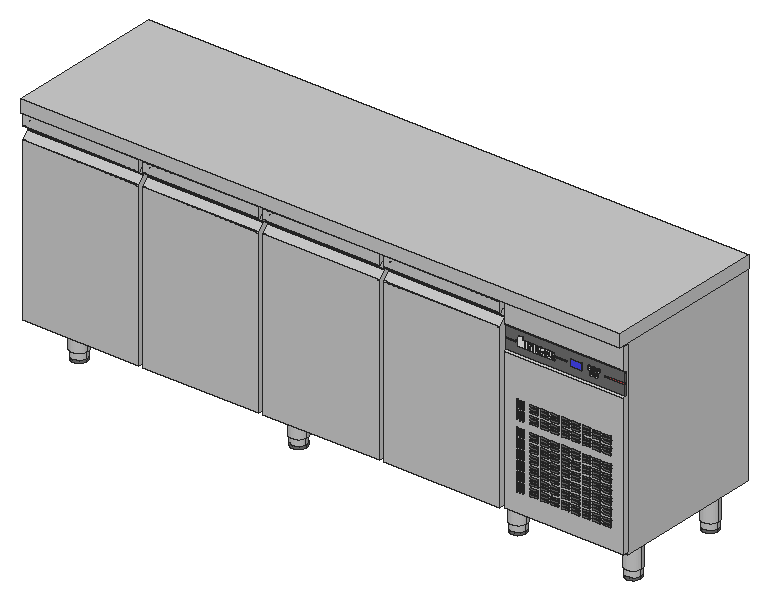
Revit family "QF_INOMAK_PMRP9999_250528093421", category Specialty Equipment, Revit 2021 (continued)
Definition of nested family "QF_INOMAK_REF_COUNTERS_2240_2920"
  Definition of nested family "QF_INOMAK_CONRTOL-PANEL"
    Forms (mm)
      Extrusion 1, solid
        sketch origin (-2240, -700, 0) x (-1, 0, 0) y (0, 0, 1)
          loop
            arc (-2074.4, 221.855) -> (-2077.4, 218.855) -> (-2074.4, 215.855) r 3
            line (-2074.4, 215.855) -> (-2050.4, 215.855)
            arc (-2050.4, 215.855) -> (-2047.4, 218.855) -> (-2050.4, 221.855) r 3
            line (-2050.4, 221.855) -> (-2074.4, 221.855)
          loop
            arc (-2035.4, 221.855) -> (-2038.4, 218.855) -> (-2035.4, 215.855) r 3
            line (-2035.4, 215.855) -> (-2011.4, 215.855)
            arc (-2011.4, 215.855) -> (-2008.4, 218.855) -> (-2011.4, 221.855) r 3
            line (-2011.4, 221.855) -> (-2035.4, 221.855)
          loop
            arc (-1996.4, 221.855) -> (-1999.4, 218.855) -> (-1996.4, 215.855) r 3
            line (-1996.4, 215.855) -> (-1972.4, 215.855)
            arc (-1972.4, 215.855) -> (-1969.4, 218.855) -> (-1972.4, 221.855) r 3
            line (-1972.4, 221.855) -> (-1996.4, 221.855)
          loop
            arc (-1957.4, 221.855) -> (-1960.4, 218.855) -> (-1957.4, 215.855) r 3
            line (-1957.4, 215.855) -> (-1933.4, 215.855)
            arc (-1933.4, 215.855) -> (-1930.4, 218.855) -> (-1933.4, 221.855) r 3
            line (-1933.4, 221.855) -> (-1957.4, 221.855)
          loop
            arc (-1918.4, 221.855) -> (-1921.4, 218.855) -> (-1918.4, 215.855) r 3
            line (-1918.4, 215.855) -> (-1894.4, 215.855)
            arc (-1894.4, 215.855) -> (-1891.4, 218.855) -> (-1894.4, 221.855) r 3
            line (-1894.4, 221.855) -> (-1918.4, 221.855)
          loop
            arc (-2191.4, 210.855) -> (-2194.4, 207.855) -> (-2191.4, 204.855) r 3
            line (-2191.4, 204.855) -> (-2167.4, 204.855)
            arc (-2167.4, 204.855) -> (-2164.4, 207.855) -> (-2167.4, 210.855) r 3
            line (-2167.4, 210.855) -> (-2191.4, 210.855)
          loop
            arc (-2152.4, 210.855) -> (-2155.4, 207.855) -> (-2152.4, 204.855) r 3
            line (-2152.4, 204.855) -> (-2128.4, 204.855)
            arc (-2128.4, 204.855) -> (-2125.4, 207.855) -> (-2128.4, 210.855) r 3
            line (-2128.4, 210.855) -> (-2152.4, 210.855)
          loop
            arc (-2113.4, 210.855) -> (-2116.4, 207.855) -> (-2113.4, 204.855) r 3
            line (-2113.4, 204.855) -> (-2089.4, 204.855)
            arc (-2089.4, 204.855) -> (-2086.4, 207.855) -> (-2089.4, 210.855) r 3
            line (-2089.4, 210.855) -> (-2113.4, 210.855)
          loop
            arc (-2074.4, 210.855) -> (-2077.4, 207.855) -> (-2074.4, 204.855) r 3
            line (-2074.4, 204.855) -> (-2050.4, 204.855)
            arc (-2050.4, 204.855) -> (-2047.4, 207.855) -> (-2050.4, 210.855) r 3
            line (-2050.4, 210.855) -> (-2074.4, 210.855)
          loop
            arc (-2035.4, 210.855) -> (-2038.4, 207.855) -> (-2035.4, 204.855) r 3
            line (-2035.4, 204.855) -> (-2011.4, 204.855)
            arc (-2011.4, 204.855) -> (-2008.4, 207.855) -> (-2011.4, 210.855) r 3
            line (-2011.4, 210.855) -> (-2035.4, 210.855)
          loop
            arc (-1996.4, 210.855) -> (-1999.4, 207.855) -> (-1996.4, 204.855) r 3
            line (-1996.4, 204.855) -> (-1972.4, 204.855)
            arc (-1972.4, 204.855) -> (-1969.4, 207.855) -> (-1972.4, 210.855) r 3
            line (-1972.4, 210.855) -> (-1996.4, 210.855)
          loop
            arc (-1957.4, 210.855) -> (-1960.4, 207.855) -> (-1957.4, 204.855) r 3
            line (-1957.4, 204.855) -> (-1933.4, 204.855)
            arc (-1933.4, 204.855) -> (-1930.4, 207.855) -> (-1933.4, 210.855) r 3
            line (-1933.4, 210.855) -> (-1957.4, 210.855)
          loop
            arc (-1918.4, 210.855) -> (-1921.4, 207.855) -> (-1918.4, 204.855) r 3
            line (-1918.4, 204.855) -> (-1894.4, 204.855)
            arc (-1894.4, 204.855) -> (-1891.4, 207.855) -> (-1894.4, 210.855) r 3
            line (-1894.4, 210.855) -> (-1918.4, 210.855)
          loop
            arc (-2191.4, 199.855) -> (-2194.4, 196.855) -> (-2191.4, 193.855) r 3
            line (-2191.4, 193.855) -> (-2167.4, 193.855)
            arc (-2167.4, 193.855) -> (-2164.4, 196.855) -> (-2167.4, 199.855) r 3
            line (-2167.4, 199.855) -> (-2191.4, 199.855)
          loop
            arc (-2152.4, 199.855) -> (-2155.4, 196.855) -> (-2152.4, 193.855) r 3
            line (-2152.4, 193.855) -> (-2128.4, 193.855)
            arc (-2128.4, 193.855) -> (-2125.4, 196.855) -> (-2128.4, 199.855) r 3
            line (-2128.4, 199.855) -> (-2152.4, 199.855)
          loop
            arc (-2113.4, 199.855) -> (-2116.4, 196.855) -> (-2113.4, 193.855) r 3
            line (-2113.4, 193.855) -> (-2089.4, 193.855)
            arc (-2089.4, 193.855) -> (-2086.4, 196.855) -> (-2089.4, 199.855) r 3
            line (-2089.4, 199.855) -> (-2113.4, 199.855)
          loop
            arc (-2074.4, 199.855) -> (-2077.4, 196.855) -> (-2074.4, 193.855) r 3
            line (-2074.4, 193.855) -> (-2050.4, 193.855)
            arc (-2050.4, 193.855) -> (-2047.4, 196.855) -> (-2050.4, 199.855) r 3
            line (-2050.4, 199.855) -> (-2074.4, 199.855)
          loop
            arc (-2035.4, 199.855) -> (-2038.4, 196.855) -> (-2035.4, 193.855) r 3
            line (-2035.4, 193.855) -> (-2011.4, 193.855)
            arc (-2011.4, 193.855) -> (-2008.4, 196.855) -> (-2011.4, 199.855) r 3
            line (-2011.4, 199.855) -> (-2035.4, 199.855)
          loop
            arc (-1996.4, 199.855) -> (-1999.4, 196.855) -> (-1996.4, 193.855) r 3
            line (-1996.4, 193.855) -> (-1972.4, 193.855)
            arc (-1972.4, 193.855) -> (-1969.4, 196.855) -> (-1972.4, 199.855) r 3
            line (-1972.4, 199.855) -> (-1996.4, 199.855)
          loop
            arc (-1957.4, 199.855) -> (-1960.4, 196.855) -> (-1957.4, 193.855) r 3
            line (-1957.4, 193.855) -> (-1933.4, 193.855)
            arc (-1933.4, 193.855) -> (-1930.4, 196.855) -> (-1933.4, 199.855) r 3
            line (-1933.4, 199.855) -> (-1957.4, 199.855)
          loop
            arc (-1918.4, 199.855) -> (-1921.4, 196.855) -> (-1918.4, 193.855) r 3
            line (-1918.4, 193.855) -> (-1894.4, 193.855)
            arc (-1894.4, 193.855) -> (-1891.4, 196.855) -> (-1894.4, 199.855) r 3
            line (-1894.4, 199.855) -> (-1918.4, 199.855)
          loop
            arc (-2191.4, 184.855) -> (-2194.4, 181.855) -> (-2191.4, 178.855) r 3
            line (-2191.4, 178.855) -> (-2167.4, 178.855)
            arc (-2167.4, 178.855) -> (-2164.4, 181.855) -> (-2167.4, 184.855) r 3
            line (-2167.4, 184.855) -> (-2191.4, 184.855)
          loop
            arc (-2152.4, 184.855) -> (-2155.4, 181.855) -> (-2152.4, 178.855) r 3
            line (-2152.4, 178.855) -> (-2128.4, 178.855)
            arc (-2128.4, 178.855) -> (-2125.4, 181.855) -> (-2128.4, 184.855) r 3
            line (-2128.4, 184.855) -> (-2152.4, 184.855)
          loop
            arc (-2113.4, 184.855) -> (-2116.4, 181.855) -> (-2113.4, 178.855) r 3
            line (-2113.4, 178.855) -> (-2089.4, 178.855)
            arc (-2089.4, 178.855) -> (-2086.4, 181.855) -> (-2089.4, 184.855) r 3
            line (-2089.4, 184.855) -> (-2113.4, 184.855)
          loop
            arc (-2074.4, 184.855) -> (-2077.4, 181.855) -> (-2074.4, 178.855) r 3
            line (-2074.4, 178.855) -> (-2050.4, 178.855)
            arc (-2050.4, 178.855) -> (-2047.4, 181.855) -> (-2050.4, 184.855) r 3
            line (-2050.4, 184.855) -> (-2074.4, 184.855)
          loop
            arc (-2035.4, 184.855) -> (-2038.4, 181.855) -> (-2035.4, 178.855) r 3
            line (-2035.4, 178.855) -> (-2011.4, 178.855)
            arc (-2011.4, 178.855) -> (-2008.4, 181.855) -> (-2011.4, 184.855) r 3
            line (-2011.4, 184.855) -> (-2035.4, 184.855)
          loop
            arc (-1996.4, 184.855) -> (-1999.4, 181.855) -> (-1996.4, 178.855) r 3
            line (-1996.4, 178.855) -> (-1972.4, 178.855)
            arc (-1972.4, 178.855) -> (-1969.4, 181.855) -> (-1972.4, 184.855) r 3
            line (-1972.4, 184.855) -> (-1996.4, 184.855)
          loop
            arc (-1957.4, 184.855) -> (-1960.4, 181.855) -> (-1957.4, 178.855) r 3
            line (-1957.4, 178.855) -> (-1933.4, 178.855)
            arc (-1933.4, 178.855) -> (-1930.4, 181.855) -> (-1933.4, 184.855) r 3
            line (-1933.4, 184.855) -> (-1957.4, 184.855)
          loop
            arc (-1918.4, 184.855) -> (-1921.4, 181.855) -> (-1918.4, 178.855) r 3
            line (-1918.4, 178.855) -> (-1894.4, 178.855)
            arc (-1894.4, 178.855) -> (-1891.4, 181.855) -> (-1894.4, 184.855) r 3
            line (-1894.4, 184.855) -> (-1918.4, 184.855)
          loop
            arc (-2191.4, 173.855) -> (-2194.4, 170.855) -> (-2191.4, 167.855) r 3
            line (-2191.4, 167.855) -> (-2167.4, 167.855)
            arc (-2167.4, 167.855) -> (-2164.4, 170.855) -> (-2167.4, 173.855) r 3
            line (-2167.4, 173.855) -> (-2191.4, 173.855)
          loop
            arc (-2152.4, 173.855) -> (-2155.4, 170.855) -> (-2152.4, 167.855) r 3
            line (-2152.4, 167.855) -> (-2128.4, 167.855)
            arc (-2128.4, 167.855) -> (-2125.4, 170.855) -> (-2128.4, 173.855) r 3
            line (-2128.4, 173.855) -> (-2152.4, 173.855)
          loop
            arc (-2113.4, 173.855) -> (-2116.4, 170.855) -> (-2113.4, 167.855) r 3
            line (-2113.4, 167.855) -> (-2089.4, 167.855)
            arc (-2089.4, 167.855) -> (-2086.4, 170.855) -> (-2089.4, 173.855) r 3
            line (-2089.4, 173.855) -> (-2113.4, 173.855)
          loop
            arc (-2074.4, 173.855) -> (-2077.4, 170.855) -> (-2074.4, 167.855) r 3
            line (-2074.4, 167.855) -> (-2050.4, 167.855)
            arc (-2050.4, 167.855) -> (-2047.4, 170.855) -> (-2050.4, 173.855) r 3
            line (-2050.4, 173.855) -> (-2074.4, 173.855)
          loop
            arc (-2035.4, 173.855) -> (-2038.4, 170.855) -> (-2035.4, 167.855) r 3
            line (-2035.4, 167.855) -> (-2011.4, 167.855)
            arc (-2011.4, 167.855) -> (-2008.4, 170.855) -> (-2011.4, 173.855) r 3
            line (-2011.4, 173.855) -> (-2035.4, 173.855)
          loop
            arc (-1996.4, 173.855) -> (-1999.4, 170.855) -> (-1996.4, 167.855) r 3
            line (-1996.4, 167.855) -> (-1972.4, 167.855)
            arc (-1972.4, 167.855) -> (-1969.4, 170.855) -> (-1972.4, 173.855) r 3
            line (-1972.4, 173.855) -> (-1996.4, 173.855)
          loop
            arc (-1957.4, 173.855) -> (-1960.4, 170.855) -> (-1957.4, 167.855) r 3
            line (-1957.4, 167.855) -> (-1933.4, 167.855)
            arc (-1933.4, 167.855) -> (-1930.4, 170.855) -> (-1933.4, 173.855) r 3
            line (-1933.4, 173.855) -> (-1957.4, 173.855)
          loop
            arc (-1918.4, 173.855) -> (-1921.4, 170.855) -> (-1918.4, 167.855) r 3
            line (-1918.4, 167.855) -> (-1894.4, 167.855)
            arc (-1894.4, 167.855) -> (-1891.4, 170.855) -> (-1894.4, 173.855) r 3
            line (-1894.4, 173.855) -> (-1918.4, 173.855)
          loop
            arc (-2191.4, 162.855) -> (-2194.4, 159.855) -> (-2191.4, 156.855) r 3
            line (-2191.4, 156.855) -> (-2167.4, 156.855)
            arc (-2167.4, 156.855) -> (-2164.4, 159.855) -> (-2167.4, 162.855) r 3
            line (-2167.4, 162.855) -> (-2191.4, 162.855)
          loop
            arc (-2152.4, 162.855) -> (-2155.4, 159.855) -> (-2152.4, 156.855) r 3
            line (-2152.4, 156.855) -> (-2128.4, 156.855)
            arc (-2128.4, 156.855) -> (-2125.4, 159.855) -> (-2128.4, 162.855) r 3
            line (-2128.4, 162.855) -> (-2152.4, 162.855)
          loop
            arc (-2113.4, 162.855) -> (-2116.4, 159.855) -> (-2113.4, 156.855) r 3
            line (-2113.4, 156.855) -> (-2089.4, 156.855)
            arc (-2089.4, 156.855) -> (-2086.4, 159.855) -> (-2089.4, 162.855) r 3
            line (-2089.4, 162.855) -> (-2113.4, 162.855)
          loop
            arc (-2074.4, 162.855) -> (-2077.4, 159.855) -> (-2074.4, 156.855) r 3
            line (-2074.4, 156.855) -> (-2050.4, 156.855)
            arc (-2050.4, 156.855) -> (-2047.4, 159.855) -> (-2050.4, 162.855) r 3
            line (-2050.4, 162.855) -> (-2074.4, 162.855)
          loop
            arc (-2035.4, 162.855) -> (-2038.4, 159.855) -> (-2035.4, 156.855) r 3
            line (-2035.4, 156.855) -> (-2011.4, 156.855)
            arc (-2011.4, 156.855) -> (-2008.4, 159.855) -> (-2011.4, 162.855) r 3
            line (-2011.4, 162.855) -> (-2035.4, 162.855)
          loop
            arc (-1996.4, 162.855) -> (-1999.4, 159.855) -> (-1996.4, 156.855) r 3
            line (-1996.4, 156.855) -> (-1972.4, 156.855)
            arc (-1972.4, 156.855) -> (-1969.4, 159.855) -> (-1972.4, 162.855) r 3
            line (-1972.4, 162.855) -> (-1996.4, 162.855)
          loop
            arc (-1957.4, 162.855) -> (-1960.4, 159.855) -> (-1957.4, 156.855) r 3
            line (-1957.4, 156.855) -> (-1933.4, 156.855)
            arc (-1933.4, 156.855) -> (-1930.4, 159.855) -> (-1933.4, 162.855) r 3
            line (-1933.4, 162.855) -> (-1957.4, 162.855)
          loop
            arc (-1918.4, 162.855) -> (-1921.4, 159.855) -> (-1918.4, 156.855) r 3
            line (-1918.4, 156.855) -> (-1894.4, 156.855)
            arc (-1894.4, 156.855) -> (-1891.4, 159.855) -> (-1894.4, 162.855) r 3
            line (-1894.4, 162.855) -> (-1918.4, 162.855)
          loop
            arc (-2191.4, 147.855) -> (-2194.4, 144.855) -> (-2191.4, 141.855) r 3
            line (-2191.4, 141.855) -> (-2167.4, 141.855)
            arc (-2167.4, 141.855) -> (-2164.4, 144.855) -> (-2167.4, 147.855) r 3
            line (-2167.4, 147.855) -> (-2191.4, 147.855)
          loop
            arc (-2152.4, 147.855) -> (-2155.4, 144.855) -> (-2152.4, 141.855) r 3
            line (-2152.4, 141.855) -> (-2128.4, 141.855)
            arc (-2128.4, 141.855) -> (-2125.4, 144.855) -> (-2128.4, 147.855) r 3
            line (-2128.4, 147.855) -> (-2152.4, 147.855)
          loop
            arc (-2113.4, 147.855) -> (-2116.4, 144.855) -> (-2113.4, 141.855) r 3
            line (-2113.4, 141.855) -> (-2089.4, 141.855)
            arc (-2089.4, 141.855) -> (-2086.4, 144.855) -> (-2089.4, 147.855) r 3
            line (-2089.4, 147.855) -> (-2113.4, 147.855)
          loop
            arc (-2074.4, 147.855) -> (-2077.4, 144.855) -> (-2074.4, 141.855) r 3
            line (-2074.4, 141.855) -> (-2050.4, 141.855)
            arc (-2050.4, 141.855) -> (-2047.4, 144.855) -> (-2050.4, 147.855) r 3
            line (-2050.4, 147.855) -> (-2074.4, 147.855)
          loop
            arc (-2035.4, 147.855) -> (-2038.4, 144.855) -> (-2035.4, 141.855) r 3
            line (-2035.4, 141.855) -> (-2011.4, 141.855)
            arc (-2011.4, 141.855) -> (-2008.4, 144.855) -> (-2011.4, 147.855) r 3
            line (-2011.4, 147.855) -> (-2035.4, 147.855)
          loop
            arc (-1996.4, 147.855) -> (-1999.4, 144.855) -> (-1996.4, 141.855) r 3
            line (-1996.4, 141.855) -> (-1972.4, 141.855)
            arc (-1972.4, 141.855) -> (-1969.4, 144.855) -> (-1972.4, 147.855) r 3
            line (-1972.4, 147.855) -> (-1996.4, 147.855)
          loop
            arc (-1957.4, 147.855) -> (-1960.4, 144.855) -> (-1957.4, 141.855) r 3
            line (-1957.4, 141.855) -> (-1933.4, 141.855)
            arc (-1933.4, 141.855) -> (-1930.4, 144.855) -> (-1933.4, 147.855) r 3
            line (-1933.4, 147.855) -> (-1957.4, 147.855)
          loop
            arc (-1918.4, 147.855) -> (-1921.4, 144.855) -> (-1918.4, 141.855) r 3
            line (-1918.4, 141.855) -> (-1894.4, 141.855)
            arc (-1894.4, 141.855) -> (-1891.4, 144.855) -> (-1894.4, 147.855) r 3
            line (-1894.4, 147.855) -> (-1918.4, 147.855)
          loop
            arc (-2191.4, 136.855) -> (-2194.4, 133.855) -> (-2191.4, 130.855) r 3
            line (-2191.4, 130.855) -> (-2167.4, 130.855)
            arc (-2167.4, 130.855) -> (-2164.4, 133.855) -> (-2167.4, 136.855) r 3
            line (-2167.4, 136.855) -> (-2191.4, 136.855)
          loop
            arc (-2152.4, 136.855) -> (-2155.4, 133.855) -> (-2152.4, 130.855) r 3
            line (-2152.4, 130.855) -> (-2128.4, 130.855)
            arc (-2128.4, 130.855) -> (-2125.4, 133.855) -> (-2128.4, 136.855) r 3
            line (-2128.4, 136.855) -> (-2152.4, 136.855)
          loop
            arc (-2113.4, 136.855) -> (-2116.4, 133.855) -> (-2113.4, 130.855) r 3
            line (-2113.4, 130.855) -> (-2089.4, 130.855)
            arc (-2089.4, 130.855) -> (-2086.4, 133.855) -> (-2089.4, 136.855) r 3
            line (-2089.4, 136.855) -> (-2113.4, 136.855)
          loop
            arc (-2074.4, 136.855) -> (-2077.4, 133.855) -> (-2074.4, 130.855) r 3
            line (-2074.4, 130.855) -> (-2050.4, 130.855)
            arc (-2050.4, 130.855) -> (-2047.4, 133.855) -> (-2050.4, 136.855) r 3
            line (-2050.4, 136.855) -> (-2074.4, 136.855)
          loop
            arc (-2035.4, 136.855) -> (-2038.4, 133.855) -> (-2035.4, 130.855) r 3
            line (-2035.4, 130.855) -> (-2011.4, 130.855)
            arc (-2011.4, 130.855) -> (-2008.4, 133.855) -> (-2011.4, 136.855) r 3
            line (-2011.4, 136.855) -> (-2035.4, 136.855)
          loop
            arc (-1996.4, 136.855) -> (-1999.4, 133.855) -> (-1996.4, 130.855) r 3
            line (-1996.4, 130.855) -> (-1972.4, 130.855)
            arc (-1972.4, 130.855) -> (-1969.4, 133.855) -> (-1972.4, 136.855) r 3
            line (-1972.4, 136.855) -> (-1996.4, 136.855)
          loop
            arc (-1957.4, 136.855) -> (-1960.4, 133.855) -> (-1957.4, 130.855) r 3
            line (-1957.4, 130.855) -> (-1933.4, 130.855)
            arc (-1933.4, 130.855) -> (-1930.4, 133.855) -> (-1933.4, 136.855) r 3
            line (-1933.4, 136.855) -> (-1957.4, 136.855)
          loop
            arc (-1918.4, 136.855) -> (-1921.4, 133.855) -> (-1918.4, 130.855) r 3
            line (-1918.4, 130.855) -> (-1894.4, 130.855)
            arc (-1894.4, 130.855) -> (-1891.4, 133.855) -> (-1894.4, 136.855) r 3
            line (-1894.4, 136.855) -> (-1918.4, 136.855)
          loop
            arc (-2191.4, 125.855) -> (-2194.4, 122.855) -> (-2191.4, 119.855) r 3
            line (-2191.4, 119.855) -> (-2167.4, 119.855)
            arc (-2167.4, 119.855) -> (-2164.4, 122.855) -> (-2167.4, 125.855) r 3
            line (-2167.4, 125.855) -> (-2191.4, 125.855)
          loop
            arc (-2152.4, 125.855) -> (-2155.4, 122.855) -> (-2152.4, 119.855) r 3
            line (-2152.4, 119.855) -> (-2128.4, 119.855)
            arc (-2128.4, 119.855) -> (-2125.4, 122.855) -> (-2128.4, 125.855) r 3
            line (-2128.4, 125.855) -> (-2152.4, 125.855)
          loop
            arc (-2113.4, 125.855) -> (-2116.4, 122.855) -> (-2113.4, 119.855) r 3
            line (-2113.4, 119.855) -> (-2089.4, 119.855)
            arc (-2089.4, 119.855) -> (-2086.4, 122.855) -> (-2089.4, 125.855) r 3
            line (-2089.4, 125.855) -> (-2113.4, 125.855)
          loop
            arc (-2074.4, 125.855) -> (-2077.4, 122.855) -> (-2074.4, 119.855) r 3
            line (-2074.4, 119.855) -> (-2050.4, 119.855)
            arc (-2050.4, 119.855) -> (-2047.4, 122.855) -> (-2050.4, 125.855) r 3
            line (-2050.4, 125.855) -> (-2074.4, 125.855)
          loop
            arc (-2035.4, 125.855) -> (-2038.4, 122.855) -> (-2035.4, 119.855) r 3
            line (-2035.4, 119.855) -> (-2011.4, 119.855)
            arc (-2011.4, 119.855) -> (-2008.4, 122.855) -> (-2011.4, 125.855) r 3
            line (-2011.4, 125.855) -> (-2035.4, 125.855)
          loop
            arc (-1996.4, 125.855) -> (-1999.4, 122.855) -> (-1996.4, 119.855) r 3
            line (-1996.4, 119.855) -> (-1972.4, 119.855)
            arc (-1972.4, 119.855) -> (-1969.4, 122.855) -> (-1972.4, 125.855) r 3
            line (-1972.4, 125.855) -> (-1996.4, 125.855)
          loop
            arc (-1957.4, 125.855) -> (-1960.4, 122.855) -> (-1957.4, 119.855) r 3
            line (-1957.4, 119.855) -> (-1933.4, 119.855)
            arc (-1933.4, 119.855) -> (-1930.4, 122.855) -> (-1933.4, 125.855) r 3
            line (-1933.4, 125.855) -> (-1957.4, 125.855)
          loop
            arc (-1918.4, 125.855) -> (-1921.4, 122.855) -> (-1918.4, 119.855) r 3
            line (-1918.4, 119.855) -> (-1894.4, 119.855)
            arc (-1894.4, 119.855) -> (-1891.4, 122.855) -> (-1894.4, 125.855) r 3
            line (-1894.4, 125.855) -> (-1918.4, 125.855)
          loop
            arc (-2191.4, 110.855) -> (-2194.4, 107.855) -> (-2191.4, 104.855) r 3
            line (-2191.4, 104.855) -> (-2167.4, 104.855)
            arc (-2167.4, 104.855) -> (-2164.4, 107.855) -> (-2167.4, 110.855) r 3
            line (-2167.4, 110.855) -> (-2191.4, 110.855)
          loop
            arc (-2152.4, 110.855) -> (-2155.4, 107.855) -> (-2152.4, 104.855) r 3
            line (-2152.4, 104.855) -> (-2128.4, 104.855)
            arc (-2128.4, 104.855) -> (-2125.4, 107.855) -> (-2128.4, 110.855) r 3
            line (-2128.4, 110.855) -> (-2152.4, 110.855)
          loop
            arc (-2113.4, 110.855) -> (-2116.4, 107.855) -> (-2113.4, 104.855) r 3
            line (-2113.4, 104.855) -> (-2089.4, 104.855)
            arc (-2089.4, 104.855) -> (-2086.4, 107.855) -> (-2089.4, 110.855) r 3
            line (-2089.4, 110.855) -> (-2113.4, 110.855)
          loop
            arc (-2074.4, 110.855) -> (-2077.4, 107.855) -> (-2074.4, 104.855) r 3
            line (-2074.4, 104.855) -> (-2050.4, 104.855)
            arc (-2050.4, 104.855) -> (-2047.4, 107.855) -> (-2050.4, 110.855) r 3
            line (-2050.4, 110.855) -> (-2074.4, 110.855)
          loop
            arc (-2035.4, 110.855) -> (-2038.4, 107.855) -> (-2035.4, 104.855) r 3
            line (-2035.4, 104.855) -> (-2011.4, 104.855)
            arc (-2011.4, 104.855) -> (-2008.4, 107.855) -> (-2011.4, 110.855) r 3
            line (-2011.4, 110.855) -> (-2035.4, 110.855)
          loop
            arc (-1996.4, 110.855) -> (-1999.4, 107.855) -> (-1996.4, 104.855) r 3
            line (-1996.4, 104.855) -> (-1972.4, 104.855)
            arc (-1972.4, 104.855) -> (-1969.4, 107.855) -> (-1972.4, 110.855) r 3
            line (-1972.4, 110.855) -> (-1996.4, 110.855)
          loop
            arc (-1957.4, 110.855) -> (-1960.4, 107.855) -> (-1957.4, 104.855) r 3
            line (-1957.4, 104.855) -> (-1933.4, 104.855)
            arc (-1933.4, 104.855) -> (-1930.4, 107.855) -> (-1933.4, 110.855) r 3
            line (-1933.4, 110.855) -> (-1957.4, 110.855)
          loop
            arc (-1918.4, 110.855) -> (-1921.4, 107.855) -> (-1918.4, 104.855) r 3
            line (-1918.4, 104.855) -> (-1894.4, 104.855)
            arc (-1894.4, 104.855) -> (-1891.4, 107.855) -> (-1894.4, 110.855) r 3
            line (-1894.4, 110.855) -> (-1918.4, 110.855)
          loop
            arc (-2191.4, 99.855) -> (-2194.4, 96.855) -> (-2191.4, 93.855) r 3
            line (-2191.4, 93.855) -> (-2167.4, 93.855)
            arc (-2167.4, 93.855) -> (-2164.4, 96.855) -> (-2167.4, 99.855) r 3
            line (-2167.4, 99.855) -> (-2191.4, 99.855)
          loop
            arc (-2152.4, 99.855) -> (-2155.4, 96.855) -> (-2152.4, 93.855) r 3
            line (-2152.4, 93.855) -> (-2128.4, 93.855)
            arc (-2128.4, 93.855) -> (-2125.4, 96.855) -> (-2128.4, 99.855) r 3
            line (-2128.4, 99.855) -> (-2152.4, 99.855)
          loop
            arc (-2113.4, 99.855) -> (-2116.4, 96.855) -> (-2113.4, 93.855) r 3
            line (-2113.4, 93.855) -> (-2089.4, 93.855)
            arc (-2089.4, 93.855) -> (-2086.4, 96.855) -> (-2089.4, 99.855) r 3
            line (-2089.4, 99.855) -> (-2113.4, 99.855)
          loop
            arc (-2074.4, 99.855) -> (-2077.4, 96.855) -> (-2074.4, 93.855) r 3
            line (-2074.4, 93.855) -> (-2050.4, 93.855)
            arc (-2050.4, 93.855) -> (-2047.4, 96.855) -> (-2050.4, 99.855) r 3
            line (-2050.4, 99.855) -> (-2074.4, 99.855)
          loop
            arc (-2035.4, 99.855) -> (-2038.4, 96.855) -> (-2035.4, 93.855) r 3
            line (-2035.4, 93.855) -> (-2011.4, 93.855)
            arc (-2011.4, 93.855) -> (-2008.4, 96.855) -> (-2011.4, 99.855) r 3
            line (-2011.4, 99.855) -> (-2035.4, 99.855)
          loop
            arc (-1996.4, 99.855) -> (-1999.4, 96.855) -> (-1996.4, 93.855) r 3
            line (-1996.4, 93.855) -> (-1972.4, 93.855)
            arc (-1972.4, 93.855) -> (-1969.4, 96.855) -> (-1972.4, 99.855) r 3
            line (-1972.4, 99.855) -> (-1996.4, 99.855)
          loop
            arc (-1957.4, 99.855) -> (-1960.4, 96.855) -> (-1957.4, 93.855) r 3
            line (-1957.4, 93.855) -> (-1933.4, 93.855)
            arc (-1933.4, 93.855) -> (-1930.4, 96.855) -> (-1933.4, 99.855) r 3
            line (-1933.4, 99.855) -> (-1957.4, 99.855)
          loop
            arc (-1918.4, 99.855) -> (-1921.4, 96.855) -> (-1918.4, 93.855) r 3
            line (-1918.4, 93.855) -> (-1894.4, 93.855)
            arc (-1894.4, 93.855) -> (-1891.4, 96.855) -> (-1894.4, 99.855) r 3
            line (-1894.4, 99.855) -> (-1918.4, 99.855)
          loop
            arc (-2191.4, 88.855) -> (-2194.4, 85.855) -> (-2191.4, 82.855) r 3
            line (-2191.4, 82.855) -> (-2167.4, 82.855)
            arc (-2167.4, 82.855) -> (-2164.4, 85.855) -> (-2167.4, 88.855) r 3
            line (-2167.4, 88.855) -> (-2191.4, 88.855)
          loop
            arc (-2152.4, 88.855) -> (-2155.4, 85.855) -> (-2152.4, 82.855) r 3
            line (-2152.4, 82.855) -> (-2128.4, 82.855)
            arc (-2128.4, 82.855) -> (-2125.4, 85.855) -> (-2128.4, 88.855) r 3
            line (-2128.4, 88.855) -> (-2152.4, 88.855)
          loop
            arc (-2113.4, 88.855) -> (-2116.4, 85.855) -> (-2113.4, 82.855) r 3
            line (-2113.4, 82.855) -> (-2089.4, 82.855)
            arc (-2089.4, 82.855) -> (-2086.4, 85.855) -> (-2089.4, 88.855) r 3
            line (-2089.4, 88.855) -> (-2113.4, 88.855)
          loop
            arc (-2074.4, 88.855) -> (-2077.4, 85.855) -> (-2074.4, 82.855) r 3
            line (-2074.4, 82.855) -> (-2050.4, 82.855)
            arc (-2050.4, 82.855) -> (-2047.4, 85.855) -> (-2050.4, 88.855) r 3
            line (-2050.4, 88.855) -> (-2074.4, 88.855)
          loop
            arc (-2035.4, 88.855) -> (-2038.4, 85.855) -> (-2035.4, 82.855) r 3
            line (-2035.4, 82.855) -> (-2011.4, 82.855)
            arc (-2011.4, 82.855) -> (-2008.4, 85.855) -> (-2011.4, 88.855) r 3
            line (-2011.4, 88.855) -> (-2035.4, 88.855)
          loop
            arc (-1996.4, 88.855) -> (-1999.4, 85.855) -> (-1996.4, 82.855) r 3
            line (-1996.4, 82.855) -> (-1972.4, 82.855)
            arc (-1972.4, 82.855) -> (-1969.4, 85.855) -> (-1972.4, 88.855) r 3
            line (-1972.4, 88.855) -> (-1996.4, 88.855)
          loop
            arc (-1957.4, 88.855) -> (-1960.4, 85.855) -> (-1957.4, 82.855) r 3
            line (-1957.4, 82.855) -> (-1933.4, 82.855)
            arc (-1933.4, 82.855) -> (-1930.4, 85.855) -> (-1933.4, 88.855) r 3
            line (-1933.4, 88.855) -> (-1957.4, 88.855)
          loop
            arc (-1918.4, 88.855) -> (-1921.4, 85.855) -> (-1918.4, 82.855) r 3
            line (-1918.4, 82.855) -> (-1894.4, 82.855)
            arc (-1894.4, 82.855) -> (-1891.4, 85.855) -> (-1894.4, 88.855) r 3
            line (-1894.4, 88.855) -> (-1918.4, 88.855)
          loop
            arc (-1840.4, 387.855) -> (-1843.4, 390.855) -> (-1846.4, 387.855) r 3
            line (-1846.4, 387.855) -> (-1846.4, 363.855)
            arc (-1846.4, 363.855) -> (-1843.4, 360.855) -> (-1840.4, 363.855) r 3
            line (-1840.4, 363.855) -> (-1840.4, 387.855)
          loop
            arc (-1851.4, 387.855) -> (-1854.4, 390.855) -> (-1857.4, 387.855) r 3
            line (-1857.4, 387.855) -> (-1857.4, 363.855)
            arc (-1857.4, 363.855) -> (-1854.4, 360.855) -> (-1851.4, 363.855) r 3
            line (-1851.4, 363.855) -> (-1851.4, 387.855)
          loop
            arc (-1862.4, 387.855) -> (-1865.4, 390.855) -> (-1868.4, 387.855) r 3
            line (-1868.4, 387.855) -> (-1868.4, 363.855)
            arc (-1868.4, 363.855) -> (-1865.4, 360.855) -> (-1862.4, 363.855) r 3
            line (-1862.4, 363.855) -> (-1862.4, 387.855)
          loop
            arc (-1840.4, 350.855) -> (-1843.4, 353.855) -> (-1846.4, 350.855) r 3
            line (-1846.4, 350.855) -> (-1846.4, 326.855)
            arc (-1846.4, 326.855) -> (-1843.4, 323.855) -> (-1840.4, 326.855) r 3
            line (-1840.4, 326.855) -> (-1840.4, 350.855)
          loop
            arc (-1851.4, 350.855) -> (-1854.4, 353.855) -> (-1857.4, 350.855) r 3
            line (-1857.4, 350.855) -> (-1857.4, 326.855)
            arc (-1857.4, 326.855) -> (-1854.4, 323.855) -> (-1851.4, 326.855) r 3
            line (-1851.4, 326.855) -> (-1851.4, 350.855)
          loop
            arc (-1862.4, 350.855) -> (-1865.4, 353.855) -> (-1868.4, 350.855) r 3
            line (-1868.4, 350.855) -> (-1868.4, 326.855)
            arc (-1868.4, 326.855) -> (-1865.4, 323.855) -> (-1862.4, 326.855) r 3
            line (-1862.4, 326.855) -> (-1862.4, 350.855)
          loop
            arc (-1840.4, 293.855) -> (-1843.4, 296.855) -> (-1846.4, 293.855) r 3
            line (-1846.4, 293.855) -> (-1846.4, 269.855)
            arc (-1846.4, 269.855) -> (-1843.4, 266.855) -> (-1840.4, 269.855) r 3
            line (-1840.4, 269.855) -> (-1840.4, 293.855)
          loop
            arc (-1851.4, 293.855) -> (-1854.4, 296.855) -> (-1857.4, 293.855) r 3
            line (-1857.4, 293.855) -> (-1857.4, 269.855)
            arc (-1857.4, 269.855) -> (-1854.4, 266.855) -> (-1851.4, 269.855) r 3
            line (-1851.4, 269.855) -> (-1851.4, 293.855)
          loop
            arc (-1862.4, 293.855) -> (-1865.4, 296.855) -> (-1868.4, 293.855) r 3
            line (-1868.4, 293.855) -> (-1868.4, 269.855)
            arc (-1868.4, 269.855) -> (-1865.4, 266.855) -> (-1862.4, 269.855) r 3
            line (-1862.4, 269.855) -> (-1862.4, 293.855)
          loop
            arc (-1840.4, 256.855) -> (-1843.4, 259.855) -> (-1846.4, 256.855) r 3
            line (-1846.4, 256.855) -> (-1846.4, 232.855)
            arc (-1846.4, 232.855) -> (-1843.4, 229.855) -> (-1840.4, 232.855) r 3
            line (-1840.4, 232.855) -> (-1840.4, 256.855)
          loop
            arc (-1851.4, 256.855) -> (-1854.4, 259.855) -> (-1857.4, 256.855) r 3
            line (-1857.4, 256.855) -> (-1857.4, 232.855)
            arc (-1857.4, 232.855) -> (-1854.4, 229.855) -> (-1851.4, 232.855) r 3
            line (-1851.4, 232.855) -> (-1851.4, 256.855)
          loop
            arc (-1862.4, 256.855) -> (-1865.4, 259.855) -> (-1868.4, 256.855) r 3
            line (-1868.4, 256.855) -> (-1868.4, 232.855)
            arc (-1868.4, 232.855) -> (-1865.4, 229.855) -> (-1862.4, 232.855) r 3
            line (-1862.4, 232.855) -> (-1862.4, 256.855)
          loop
            arc (-1840.4, 219.855) -> (-1843.4, 222.855) -> (-1846.4, 219.855) r 3
            line (-1846.4, 219.855) -> (-1846.4, 195.855)
            arc (-1846.4, 195.855) -> (-1843.4, 192.855) -> (-1840.4, 195.855) r 3
            line (-1840.4, 195.855) -> (-1840.4, 219.855)
          loop
            arc (-1851.4, 219.855) -> (-1854.4, 222.855) -> (-1857.4, 219.855) r 3
            line (-1857.4, 219.855) -> (-1857.4, 195.855)
            arc (-1857.4, 195.855) -> (-1854.4, 192.855) -> (-1851.4, 195.855) r 3
            line (-1851.4, 195.855) -> (-1851.4, 219.855)
          loop
            arc (-1862.4, 219.855) -> (-1865.4, 222.855) -> (-1868.4, 219.855) r 3
            line (-1868.4, 219.855) -> (-1868.4, 195.855)
            arc (-1868.4, 195.855) -> (-1865.4, 192.855) -> (-1862.4, 195.855) r 3
            line (-1862.4, 195.855) -> (-1862.4, 219.855)
          loop
            arc (-1840.4, 182.855) -> (-1843.4, 185.855) -> (-1846.4, 182.855) r 3
            line (-1846.4, 182.855) -> (-1846.4, 158.855)
            arc (-1846.4, 158.855) -> (-1843.4, 155.855) -> (-1840.4, 158.855) r 3
            line (-1840.4, 158.855) -> (-1840.4, 182.855)
          loop
            arc (-1851.4, 182.855) -> (-1854.4, 185.855) -> (-1857.4, 182.855) r 3
            line (-1857.4, 182.855) -> (-1857.4, 158.855)
            arc (-1857.4, 158.855) -> (-1854.4, 155.855) -> (-1851.4, 158.855) r 3
            line (-1851.4, 158.855) -> (-1851.4, 182.855)
          loop
            arc (-1862.4, 182.855) -> (-1865.4, 185.855) -> (-1868.4, 182.855) r 3
            line (-1868.4, 182.855) -> (-1868.4, 158.855)
            arc (-1868.4, 158.855) -> (-1865.4, 155.855) -> (-1862.4, 158.855) r 3
            line (-1862.4, 158.855) -> (-1862.4, 182.855)
          loop
            arc (-1840.4, 145.855) -> (-1843.4, 148.855) -> (-1846.4, 145.855) r 3
            line (-1846.4, 145.855) -> (-1846.4, 121.855)
            arc (-1846.4, 121.855) -> (-1843.4, 118.855) -> (-1840.4, 121.855) r 3
            line (-1840.4, 121.855) -> (-1840.4, 145.855)
          loop
            arc (-1851.4, 145.855) -> (-1854.4, 148.855) -> (-1857.4, 145.855) r 3
            line (-1857.4, 145.855) -> (-1857.4, 121.855)
            arc (-1857.4, 121.855) -> (-1854.4, 118.855) -> (-1851.4, 121.855) r 3
            line (-1851.4, 121.855) -> (-1851.4, 145.855)
          loop
            arc (-1862.4, 145.855) -> (-1865.4, 148.855) -> (-1868.4, 145.855) r 3
            line (-1868.4, 145.855) -> (-1868.4, 121.855)
            arc (-1868.4, 121.855) -> (-1865.4, 118.855) -> (-1862.4, 121.855) r 3
            line (-1862.4, 121.855) -> (-1862.4, 145.855)
          loop
            arc (-1840.4, 108.855) -> (-1843.4, 111.855) -> (-1846.4, 108.855) r 3
            line (-1846.4, 108.855) -> (-1846.4, 84.855)
            arc (-1846.4, 84.855) -> (-1843.4, 81.855) -> (-1840.4, 84.855) r 3
            line (-1840.4, 84.855) -> (-1840.4, 108.855)
          loop
            arc (-1851.4, 108.855) -> (-1854.4, 111.855) -> (-1857.4, 108.855) r 3
            line (-1857.4, 108.855) -> (-1857.4, 84.855)
            arc (-1857.4, 84.855) -> (-1854.4, 81.855) -> (-1851.4, 84.855) r 3
            line (-1851.4, 84.855) -> (-1851.4, 108.855)
          loop
            arc (-1862.4, 108.855) -> (-1865.4, 111.855) -> (-1868.4, 108.855) r 3
            line (-1868.4, 108.855) -> (-1868.4, 84.855)
            arc (-1868.4, 84.855) -> (-1865.4, 81.855) -> (-1862.4, 84.855) r 3
            line (-1862.4, 84.855) -> (-1862.4, 108.855)
        from 16.5 to 19
    Dimensions and locks
      "Length": plane 3 "Left" to plane 4 "Right"
      "Depth": plane 5 "Front" to plane 1 "Back"
      "Front offset": plane 7 "Front offset" to plane 5 "Front"
      "Height": plane 6 "Top" to plane 2
      aligned and locked: level to plane 2
    Automatic sketch dimensions
      plane 4 "Right" to Extrusion 1 sketch curve = 48.6 mm  (x3)
      Extrusion 1 sketch curve to Extrusion 1 sketch curve = 0 mm  (x322)
      Extrusion 1 sketch curve to Extrusion 1 sketch curve = 24 mm  (x53)
      Extrusion 1 sketch curve to Extrusion 1 sketch curve = 15 mm  (x52)
      Extrusion 1 sketch curve to Extrusion 1 sketch curve = 26 mm  (x7)
      Extrusion 1 sketch curve to Extrusion 1 sketch curve = 3 mm  (x216)
      Extrusion 1 sketch curve to Extrusion 1 sketch curve = 5 mm  (x144)
      level to Extrusion 1 sketch curve = 82.855 mm  (x2)
      Extrusion 1 sketch curve to Extrusion 1 sketch curve = 2 mm
      Extrusion 1 sketch curve to Extrusion 1 sketch curve = 9 mm  (x48)
      Extrusion 1 sketch curve to Extrusion 1 sketch curve = 13 mm  (x9)
      Extrusion 1 sketch curve to Extrusion 1 sketch curve = 29 mm  (x6)
      Extrusion 1 sketch curve to Extrusion 1 sketch curve = 33 mm
Definition of nested family "QF_INOMAK_REF_COUNTERS_DOORS_DRAWERS_7216"
  Parameters (values of type "DR-LX-710")
    Weight [instance] = 0.00 kg
    Warranty Start Date [instance] = ""
    Warranty Duration [instance] = ""
    URL Cutsheet [instance] = ""
    URL = "www.inomak.com"
    Top inset [instance] = 10 mm
    Technical Documentation [instance] = ""
    Tag Number [instance] = ""
    Status [instance] = ""
    Specification by User [instance] = ""
    Specification by Manufacturer [instance] = ""
    Sound Level [instance] = ""
    Solid Fuel Type [instance] = ""
    Show Logo [instance] = yes
    Show Clearances [instance] = yes
    Service Life Duration [instance] = ""
    Serial Number [instance] = ""
    Seismic Rating [instance] = ""
    SMACNA No [instance] = ""
    Right panel thickness [instance] = 0 mm
    Revision Code [instance] = ""
    Revision [instance] = ""
    Rear inset [instance] = 0 mm
    Production Year [instance] = ""
    Point Load [instance] = 0
    Plinth height [instance] = 0 mm
    Other Equipment Approvals [instance] = ""
    NAFEM Spec ID Number [instance] = ""
    Model Warning [instance] = ""
    Model = "DR-LX-710"
    Masterspec [instance] = ""
    Manufacturer = "INOMAK"
    Length Actual [instance] = 435 mm
    Left panel thickness [instance] = 0 mm
    Item Number [instance] = ""
    Installed By [instance] = ""
    Installation Date [instance] = ""
    Identify Quantity as Lot [instance] = yes
    ID [instance] = ""
    Hygiene Approval [instance] = ""
    Height Actual [instance] = 710 mm
    Furnished By [instance] = ""
    Front inset [instance] = 10 mm
    Foodservice Equipment Identifier [instance] = yes
    Finish [instance] = none
    ETL Approved [instance] = yes
    Doors drawers type [instance] = 8
    Description = "LEFT HINGED DOOR"
    Depth Actual [instance] = 700 mm
    Default Elevation = 0 mm
    CSI MasterFormat [instance] = ""
    CE Approved [instance] = yes
    Bottom inset [instance] = 10 mm
    Barcode [instance] = ""
    Author [instance] = ""
    Asset Identifier [instance] = ""
    Assembly Code = "E1090320"
    Accessory [instance] = yes
  Types (9, lengths in mm): name | Model | Height Actual | Doors drawers type | Description
    DW-2-710 | "DW-2-710" | 710 | 4 | "2 X GN 1/2 DRAWERS"
    DR-LX-710 | "DR-LX-710" | 710 | 8 | "LEFT HINGED DOOR"
    DR-RX-710 | "DR-RX-710" | 710 | 9 | "RIGHT HINGED DOOR"
    DW-3-710 | "DW-3-710" | 710 | 6 | "3 X GN 1/3 DRAWERS"
    DW-B-710 | "DW-B-710" | 710 | 5 | "1 X GN 1/3 & 1 X GN 2/3 DRAWERS"
    DW-2-483 | "DW-2-483" | 483 | 4 | "2 X GN 1/3 DRAWERS"
    DR-LX-483 | "DR-LX-483" | 483 | 8 | "LEFT HINGED DOOR"
    DR-RX-483 | "DR-RX-483" | 483 | 9 | "RIGHT HINGED DOOR"
    DW-1-483 | "DW-1-483" | 483 | 10 | "1 X GN 2/3 DRAWER"
  Reference planes
    plane 1 "Front": y = 0
    plane 2: z = 0
    plane 3 "Left": x = 0
    plane 4 "Right": x = 435
    plane 5 "Back": y = 700
    plane 6 "Top": z = 710
    plane 7 "Bottom shelf": z = 0
    plane 8: z = 700
    plane 9: z = 10
    plane 10: x = 0
    plane 11: x = 435
    plane 12 "Center Top Bottom": z = 355
  Lines and regions (mm)
    reference lines
      curve 1: line (0, 0, 355) -> (0, 25, 355)
      curve 2: line (435, 0, 355) -> (435, 25, 355)
      curve 3: line (0, 700, 355) -> (435, 700, 355)
      curve 4: line (0, 0, 355) -> (435, 0, 355)
  Dimensions and locks
    "Length Actual": plane 3 "Left" to plane 4 "Right"
    "Depth Actual": plane 1 "Front" to plane 5 "Back"
    "Height Actual": plane 6 "Top" to plane 7 "Bottom shelf"
    "Plinth height": plane 7 "Bottom shelf" to plane 2
    "Top inset": plane 6 "Top" to plane 8
    "Bottom inset": plane 9 to plane 7 "Bottom shelf"
    "Left panel thickness": plane 3 "Left" to plane 10
    "Right panel thickness": plane 11 to plane 4 "Right"
    equal spacing: plane 6 "Top", plane 12 "Center Top Bottom", plane 7 "Bottom shelf"
    "Length Actual": curve 1 to plane 4 "Right"
    "Length Actual": plane 3 "Left" to curve 2
    "Depth Actual": plane 1 "Front" to curve 3
    "Depth Actual": plane 5 "Back" to curve 4
    aligned and locked: level to plane 2
    aligned and locked: plane 3 "Left" to nested 1
    aligned and locked: plane 3 "Left" to nested 2
    aligned and locked: plane 3 "Left" to nested 3
    aligned and locked: plane 3 "Left" to nested 4
    aligned and locked: plane 3 "Left" to nested 5
    aligned and locked: plane 3 "Left" to nested 6
    aligned and locked: plane 3 "Left" to nested 7
    aligned and locked: plane 3 "Left" to nested 8
    aligned and locked: plane 3 "Left" to nested 9
    aligned and locked: nested 4 to plane 1 "Front"
    aligned and locked: nested 6 to plane 1 "Front"
    aligned and locked: nested 8 to plane 1 "Front"
    aligned and locked: nested 5 to plane 1 "Front"
    aligned and locked: nested 3 to plane 1 "Front"
    aligned and locked: nested 7 to plane 1 "Front"
    aligned and locked: nested 2 to plane 1 "Front"
    aligned and locked: nested 1 to plane 1 "Front"
    aligned and locked: nested 9 to plane 1 "Front"
  Automatic sketch dimensions
    curve 3 to plane 4 "Right" = 0 mm
    curve 3 to plane 3 "Left" = 0 mm
    curve 2 to curve 2 = 25 mm
    curve 1 to curve 1 = 25 mm
  Nested families
    nested 1: "Right_Door" at (0, 700, 0), Depth Actual <- "Depth Actual", Height Actual <- "Height Actual", Length Actual <- "Length Actual", Front inset <- "Front inset", Rear inset <- "Rear inset", Left panel thickness <- "Left panel thickness", Right panel thickness <- "Right panel thickness", Doors drawers type <- "Doors drawers type", Plinth height <- "Plinth height", Top inset <- "Top inset", Bottom inset <- "Bottom inset", type "Right door"
      with Top inset 10 mm, Right panel thickness 0 mm, Right hand hinged door no, Rear inset 0 mm, Plinth height 0 mm, Length Actual 435 mm, Left panel thickness 0 mm, Height Actual 710 mm, Front inset 10 mm, Doors drawers type 8, Depth Actual 700 mm, Bottom inset 10 mm
    nested 2: "Left_Door" at (0, 700, 0), Depth Actual <- "Depth Actual", Height Actual <- "Height Actual", Length Actual <- "Length Actual", Front inset <- "Front inset", Rear inset <- "Rear inset", Left panel thickness <- "Left panel thickness", Right panel thickness <- "Right panel thickness", Doors drawers type <- "Doors drawers type", Plinth height <- "Plinth height", Top inset <- "Top inset", Bottom inset <- "Bottom inset", type "Left door"
      with Top inset 10 mm, Right panel thickness 0 mm, Rear inset 0 mm, Plinth height 0 mm, Length Actual 435 mm, Left panel thickness 0 mm, Left hand hinged door yes, Height Actual 710 mm, Front inset 10 mm, Doors drawers type 8, Depth Actual 700 mm, Bottom inset 10 mm
    nested 3: "3_Drawers_1-3" at (0, 700, 0), Depth Actual <- "Depth Actual", Height Actual <- "Height Actual", Length Actual <- "Length Actual", Front inset <- "Front inset", Rear inset <- "Rear inset", Left panel thickness <- "Left panel thickness", Right panel thickness <- "Right panel thickness", Doors drawers type <- "Doors drawers type", Plinth height <- "Plinth height", Top inset <- "Top inset", Bottom inset <- "Bottom inset", type "3 Drawers 1-3"
      with Top inset 10 mm, Right panel thickness 0 mm, Rear inset 0 mm, Plinth height 0 mm, Length Actual 435 mm, Left panel thickness 0 mm, Height Actual 710 mm, Front inset 10 mm, Doors drawers type 8, Depth Actual 700 mm, Bottom inset 10 mm, 3 Drawers no
    nested 4: "2_Drawers_1-2" at (0, 700, 0), Depth Actual <- "Depth Actual", Height Actual <- "Height Actual", Length Actual <- "Length Actual", Front inset <- "Front inset", Rear inset <- "Rear inset", Left panel thickness <- "Left panel thickness", Right panel thickness <- "Right panel thickness", Doors drawers type <- "Doors drawers type", Plinth height <- "Plinth height", Top inset <- "Top inset", Bottom inset <- "Bottom inset", type "2 Drawers 1-2"
      with Top inset 10 mm, Right panel thickness 0 mm, Rear inset 0 mm, Plinth height 0 mm, Length Actual 435 mm, Left panel thickness 0 mm, Height Actual 710 mm, Front inset 10 mm, Doors drawers type 8, Depth Actual 700 mm, Bottom inset 10 mm, 2 Drawers no
    nested 5: "2_Drawers_1-3_2-3" at (0, 700, 0), Depth Actual <- "Depth Actual", Height Actual <- "Height Actual", Length Actual <- "Length Actual", Front inset <- "Front inset", Rear inset <- "Rear inset", Left panel thickness <- "Left panel thickness", Right panel thickness <- "Right panel thickness", Doors drawers type <- "Doors drawers type", Plinth height <- "Plinth height", Top inset <- "Top inset", Bottom inset <- "Bottom inset", type "2 Drawers 1-3 and 2-3"
      with Top inset 10 mm, Right panel thickness 0 mm, Rear inset 0 mm, Plinth height 0 mm, Length Actual 435 mm, Left panel thickness 0 mm, Height Actual 710 mm, Front inset 10 mm, Doors drawers type 8, Depth Actual 700 mm, Bottom inset 10 mm, 2 Drawers 1-3 and 2-3 no
    nested 6: "Sliding_Doors" at (0, 700, 0), Depth Actual <- "Depth Actual", Height Actual <- "Height Actual", Length Actual <- "Length Actual", Front inset <- "Front inset", Rear inset <- "Rear inset", Left panel thickness <- "Left panel thickness", Right panel thickness <- "Right panel thickness", Doors drawers type <- "Doors drawers type", Plinth height <- "Plinth height", Top inset <- "Top inset", Bottom inset <- "Bottom inset", Finish <- "Finish", type "Sliding doors"
      with Top inset 10 mm, Sliding doors no, Right panel thickness 0 mm, Rear inset 0 mm, Plinth height 0 mm, Length Actual 435 mm, Left panel thickness 0 mm, Height Actual 710 mm, Front inset 10 mm, Finish none, Doors drawers type 8, Depth Actual 700 mm, Bottom inset 10 mm
    nested 7: "4_Drawers_1-4" at (0, 700, 0), Depth Actual <- "Depth Actual", Height Actual <- "Height Actual", Length Actual <- "Length Actual", Front inset <- "Front inset", Rear inset <- "Rear inset", Left panel thickness <- "Left panel thickness", Right panel thickness <- "Right panel thickness", Doors drawers type <- "Doors drawers type", Plinth height <- "Plinth height", Top inset <- "Top inset", Bottom inset <- "Bottom inset", Finish <- "Finish", type "4 Drawers 1-4"
      with Top inset 10 mm, Right panel thickness 0 mm, Rear inset 0 mm, Plinth height 0 mm, Length Actual 435 mm, Left panel thickness 0 mm, Height Actual 710 mm, Front inset 10 mm, Finish none, Doors drawers type 8, Depth Actual 700 mm, Bottom inset 10 mm, 4 Drawers no
    nested 8: "Hinged_Doors" at (0, 700, 0), Length Actual <- "Length Actual", Depth Actual <- "Depth Actual", Height Actual <- "Height Actual", Front inset <- "Front inset", Rear inset <- "Rear inset", Left panel thickness <- "Left panel thickness", Right panel thickness <- "Right panel thickness", Doors drawers type <- "Doors drawers type", Plinth height <- "Plinth height", Top inset <- "Top inset", Bottom inset <- "Bottom inset", Finish <- "Finish", type "Hinged doors"
      with Top inset 10 mm, Right panel thickness 0 mm, Rear inset 0 mm, Plinth height 0 mm, Length Actual 435 mm, Left panel thickness 0 mm, Hinged doors no, Height Actual 710 mm, Front inset 10 mm, Finish none, Doors drawers type 8, Depth Actual 700 mm, Bottom inset 10 mm
    nested 9: "Hopper" at (0, 700, 1.284), Length Actual <- "Length Actual", Depth Actual <- "Depth Actual", Height Actual <- "Height Actual", Front inset <- "Front inset", Rear inset <- "Rear inset", Left panel thickness <- "Left panel thickness", Right panel thickness <- "Right panel thickness", Doors drawers type <- "Doors drawers type", Plinth height <- "Plinth height", Top inset <- "Top inset", Bottom inset <- "Bottom inset", Finish <- "Finish", type "Hopper"
      with Top inset 10 mm, Right panel thickness 0 mm, Rear inset 0 mm, Plinth height 0 mm, Length Actual 435 mm, Left panel thickness 0 mm, Hopper no, Height Actual 710 mm, Front inset 10 mm, Finish none, Doors drawers type 8, Depth Actual 700 mm, Bottom inset 10 mm
  Definition of nested family "Left_Door"
    Parameters (values of type "Left door")
      URL = "www.specifiglobal.com"
      Top inset [instance] = 10 mm
      Right panel thickness [instance] = 0 mm
      Rear inset [instance] = 0 mm
      Plinth height [instance] = 150 mm
      Model = ""
      Manufacturer = "DEMO CONSULTANT"
      Length Actual [instance] = 700 mm
      Left panel thickness [instance] = 0 mm
      Left hand hinged door [instance] = Doors drawers type = 8  # yes
      Height Actual [instance] = 710 mm
      Front inset [instance] = 10 mm
      Finish = none
      Doors drawers type [instance] = 8
      Description = ""
      Depth Actual [instance] = 700 mm
      Default Elevation = 0 mm
      Bottom inset [instance] = 0 mm
      Assembly Code = "E1090320"
    Reference planes
      plane 1 "Back": y = 0
      plane 2: z = 0
      plane 3 "Left": x = 0
      plane 4 "Right": x = 700
      plane 5 "Front": y = -700
      plane 6 "Top": z = 860
      plane 7 "Front legs": y = -690
      plane 8 "Legs top": z = 150
      plane 9 "Backsplash thickness": y = 0
      plane 10 "Left panel": x = 0
      plane 11 "Right panel": x = 700
      plane 12: z = 850
      plane 13: z = 150
    Forms (mm)
      Extrusion 1, solid, material <- "Finish", visible <- "Left hand hinged door"
        sketch origin (0, 0, 0) x (0, -1, 0) y (0, 0, 1)
          loop
            line (690, 150) -> (690, 764.365)
            arc (690, 764.365) -> (689.866, 765.037) -> (689.485, 765.607) r 1.757
            line (689.485, 765.607) -> (666.663, 788.429)
            arc (666.663, 788.429) -> (665.976, 789.458) -> (665.734, 790.672) r 3.172
            line (665.734, 790.672) -> (665.734, 817.576)
            arc (665.734, 817.576) -> (666.433, 819.262) -> (668.119, 819.961) r 2.385
            line (668.119, 819.961) -> (680.029, 819.961) -> (686.544, 810.657)
            arc (686.544, 810.657) -> (688.671, 809.935) -> (690, 811.747) r 1.9
            line (690, 811.747) -> (690, 850) -> (648, 850) -> (648, 150) -> (690, 150)
        from 0 to -700
      Extrusion 2, solid, visible <- "Left hand hinged door", detail levels coarse
        sketch origin (0, -700, 150) x (-1, 0, 0) y (0, 1, 0)
          loop
            arc (-700, 10) -> (-495.871, -481.066) -> (0, -673.23) r 677.11
            line (0, -673.23) -> (0, 10) -> (-700, 10)
        from 0 to -700
    Lines and regions (mm)
      symbolic lines, visible <- "Left hand hinged door"
        curve 1: line (0, -700, 150) -> (0, -1373.247, 150)
        curve 2: arc (0, -1373.247, 150) -> (492.316, -1184.595, 150) -> (700, -700, 150) r 676.963
    Dimensions and locks
      "Length Actual": plane 3 "Left" to plane 4 "Right"
      "Depth Actual": plane 5 "Front" to plane 1 "Back"
      "Height Actual": plane 6 "Top" to plane 8 "Legs top"
      "Front inset": plane 7 "Front legs" to plane 5 "Front"
      "Plinth height": plane 8 "Legs top" to plane 2
      "Rear inset": plane 9 "Backsplash thickness" to plane 1 "Back"
      "Right panel thickness": plane 11 "Right panel" to plane 4 "Right"
      "Left panel thickness": plane 3 "Left" to plane 10 "Left panel"
      "Top inset": plane 6 "Top" to plane 12
      "Bottom inset": plane 13 to plane 8 "Legs top"
      aligned and locked: level to plane 2
      aligned and locked: Extrusion 1 to plane 11 "Right panel"
      aligned and locked: plane 10 "Left panel" to Extrusion 2 sketch curve
      aligned and locked: plane 11 "Right panel" to Extrusion 2 sketch curve
      aligned and locked: Extrusion 2 sketch curve to plane 10 "Left panel"
      aligned and locked: plane 7 "Front legs" to Extrusion 2 sketch curve
      aligned and locked: plane 7 "Front legs" to Extrusion 2
      aligned and locked: plane 10 "Left panel" to Extrusion 2
      aligned and locked: Extrusion 2 to plane 12
      aligned and locked: Extrusion 1 sketch curve to plane 13
      aligned and locked: Extrusion 1 sketch curve to plane 7 "Front legs"
      aligned and locked: Extrusion 1 sketch curve to plane 12
    Automatic sketch dimensions
      Extrusion 1 sketch curve to Extrusion 1 sketch curve = 1.556 mm
      Extrusion 1 sketch curve to Extrusion 1 sketch curve = 11.91 mm
      Extrusion 1 sketch curve to Extrusion 1 sketch curve = 2.243 mm
      Extrusion 1 sketch curve to Extrusion 1 sketch curve = 2.385 mm
      Extrusion 1 sketch curve to Extrusion 1 sketch curve = 20.119 mm
      Extrusion 1 sketch curve to Extrusion 1 sketch curve = 22.822 mm
      Extrusion 1 sketch curve to Extrusion 1 sketch curve = 19.985 mm
      Extrusion 1 sketch curve to Extrusion 1 sketch curve = 6.919 mm
      Extrusion 1 sketch curve to Extrusion 1 sketch curve = 30.039 mm
      plane 7 "Front legs" to Extrusion 1 sketch curve = 42 mm
      Extrusion 1 sketch curve to Extrusion 1 sketch curve = 0.929 mm
      Extrusion 1 sketch curve to Extrusion 1 sketch curve = 6.515 mm
      Extrusion 1 sketch curve to Extrusion 1 sketch curve = 1.242 mm
      Extrusion 1 sketch curve to Extrusion 1 sketch curve = 1.9 mm
      Extrusion 1 sketch curve to Extrusion 1 sketch curve = 0.515 mm
      plane 5 "Front" to Extrusion 2 sketch curve = 3.492 mm
      plane 3 "Left" to Extrusion 2 sketch curve = 22.921 mm
      curve 1 to plane 3 "Left" = 0 mm
      curve 2 to plane 4 "Right" = 0 mm
      curve 2 to plane 5 "Front" = 0 mm
      curve 1 to plane 5 "Front" = 0 mm
      plane 5 "Front" to curve 2 = 3.324 mm
      plane 3 "Left" to curve 2 = 23.045 mm
  Definition of nested family "Right_Door"
    Parameters (values of type "Right door")
      URL = "www.specifiglobal.com"
      Top inset [instance] = 4 mm
      Right panel thickness [instance] = 35 mm
      Right hand hinged door [instance] = Doors drawers type = 9  # yes
      Rear inset [instance] = 10 mm
      Plinth height [instance] = 150 mm
      Model = ""
      Manufacturer = "DEMO CONSULTANT"
      Length Actual [instance] = 1700 mm
      Left panel thickness [instance] = 35 mm
      Height Actual [instance] = 900 mm
      Front inset [instance] = 10 mm
      Finish = none
      Doors drawers type [instance] = 9
      Description = ""
      Depth Actual [instance] = 700 mm
      Default Elevation = 0 mm
      Bottom inset [instance] = 4 mm
      Assembly Code = "E1090320"
    Reference planes
      plane 1 "Back": y = 0
      plane 2: z = 0
      plane 3 "Left": x = 0
      plane 4 "Right": x = 1700
      plane 5 "Front": y = -700
      plane 6 "Top": z = 1050
      plane 7 "Front legs": y = -690
      plane 8 "Legs top": z = 150
      plane 9 "Backsplash thickness": y = -10
      plane 10 "Left panel": x = 35
      plane 11 "Right panel": x = 1665
      plane 12: z = 1046
      plane 13: z = 154
    Forms (mm)
      Extrusion 1, solid, material <- "Finish", visible <- "Right hand hinged door"
        sketch origin (35, 0, 0) x (0, -1, 0) y (0, 0, 1)
          loop
            line (690, 154) -> (690, 960.365)
            arc (690, 960.365) -> (689.866, 961.037) -> (689.485, 961.607) r 1.757
            line (689.485, 961.607) -> (666.663, 984.429)
            arc (666.663, 984.429) -> (665.976, 985.458) -> (665.734, 986.672) r 3.172
            line (665.734, 986.672) -> (665.734, 1013.576)
            arc (665.734, 1013.576) -> (666.433, 1015.262) -> (668.119, 1015.961) r 2.385
            line (668.119, 1015.961) -> (680.029, 1015.961) -> (686.544, 1006.657)
            arc (686.544, 1006.657) -> (688.671, 1005.935) -> (690, 1007.747) r 1.9
            line (690, 1007.747) -> (690, 1046) -> (648, 1046) -> (648, 154) -> (690, 154)
        from 0 to -1630
      Extrusion 2, solid, visible <- "Right hand hinged door", detail levels coarse
        sketch origin (0, -700, 154) x (-1, 0, 0) y (0, 1, 0)
          loop
            line (-1665, 10) -> (-1665, -1637.12)
            arc (-1665, -1637.12) -> (-517.894, -1142.214) -> (-35, 10) r 1670.236
            line (-35, 10) -> (-1665, 10)
        from 0 to -892
    Lines and regions (mm)
      symbolic lines, visible <- "Right hand hinged door"
        curve 1: line (1665, -2337.12, 150) -> (1665, -700, 150)
        curve 2: arc (1665, -2337.12, 150) -> (521.415, -1845.762, 150) -> (35.165, -699.995, 150) r 1670.236
    Dimensions and locks
      "Length Actual": plane 3 "Left" to plane 4 "Right"
      "Depth Actual": plane 5 "Front" to plane 1 "Back"
      "Height Actual": plane 6 "Top" to plane 8 "Legs top"
      "Front inset": plane 7 "Front legs" to plane 5 "Front"
      "Plinth height": plane 8 "Legs top" to plane 2
      "Rear inset": plane 9 "Backsplash thickness" to plane 1 "Back"
      "Right panel thickness": plane 11 "Right panel" to plane 4 "Right"
      "Left panel thickness": plane 3 "Left" to plane 10 "Left panel"
      "Top inset": plane 6 "Top" to plane 12
      "Bottom inset": plane 13 to plane 8 "Legs top"
      aligned and locked: level to plane 2
      aligned and locked: Extrusion 1 to plane 11 "Right panel"
      aligned and locked: plane 10 "Left panel" to Extrusion 2 sketch curve
      aligned and locked: plane 11 "Right panel" to Extrusion 2 sketch curve
      aligned and locked: plane 7 "Front legs" to Extrusion 2
      aligned and locked: plane 7 "Front legs" to Extrusion 2 sketch curve
      aligned and locked: Extrusion 2 sketch curve to plane 11 "Right panel"
      aligned and locked: curve 1 to Extrusion 2
      aligned and locked: plane 5 "Front" to curve 1
      aligned and locked: Extrusion 2 to plane 12
      aligned and locked: Extrusion 1 sketch curve to plane 12
      aligned and locked: Extrusion 1 sketch curve to plane 7 "Front legs"
      aligned and locked: Extrusion 1 sketch curve to plane 13
      aligned and locked: curve 2 to Extrusion 2
    Automatic sketch dimensions
      Extrusion 1 sketch curve to Extrusion 1 sketch curve = 1.556 mm
      Extrusion 1 sketch curve to Extrusion 1 sketch curve = 11.91 mm
      Extrusion 1 sketch curve to Extrusion 1 sketch curve = 2.243 mm
      Extrusion 1 sketch curve to Extrusion 1 sketch curve = 2.385 mm
      Extrusion 1 sketch curve to Extrusion 1 sketch curve = 20.119 mm
      Extrusion 1 sketch curve to Extrusion 1 sketch curve = 22.822 mm
      Extrusion 1 sketch curve to Extrusion 1 sketch curve = 19.985 mm
      Extrusion 1 sketch curve to Extrusion 1 sketch curve = 6.919 mm
      Extrusion 1 sketch curve to Extrusion 1 sketch curve = 30.039 mm
      plane 7 "Front legs" to Extrusion 1 sketch curve = 42 mm
      Extrusion 1 sketch curve to Extrusion 1 sketch curve = 0.929 mm
      Extrusion 1 sketch curve to Extrusion 1 sketch curve = 6.515 mm
      Extrusion 1 sketch curve to Extrusion 1 sketch curve = 1.242 mm
      Extrusion 1 sketch curve to Extrusion 1 sketch curve = 1.9 mm
      Extrusion 1 sketch curve to Extrusion 1 sketch curve = 0.515 mm
      Extrusion 2 sketch curve to plane 4 "Right" = 5.083 mm
      plane 7 "Front legs" to Extrusion 2 sketch curve = 22.635 mm
      plane 5 "Front" to curve 2 = 0.005 mm
  Definition of nested family "3_Drawers_1-3"
    Parameters (values of type "3 Drawers 1-3")
      URL = "www.specifiglobal.com"
      Top inset [instance] = 4 mm
      Right panel thickness [instance] = 35 mm
      Rear inset [instance] = 10 mm
      Plinth height [instance] = 150 mm
      Model = ""
      Manufacturer = "DEMO CONSULTANT"
      Length Actual [instance] = 1200 mm
      Left panel thickness [instance] = 35 mm
      Height Actual [instance] = 900 mm
      Front inset [instance] = 10 mm
      Finish = none
      Doors drawers type [instance] = 6
      Description = ""
      Depth Actual [instance] = 700 mm
      Default Elevation = 0 mm
      Bottom inset [instance] = 4 mm
      Assembly Code = "E1090320"
      3 Drawers [instance] = Doors drawers type = 6  # yes
    Reference planes
      plane 1 "Back": y = 0
